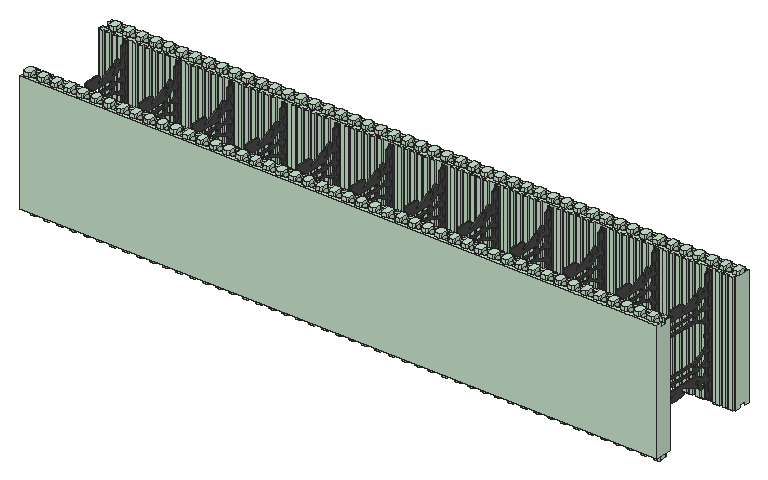
Revit family (continued)
Forms (in)
  Extrusion 156, void
    sketch origin (74, 3, 0) x (1, 0, 0) y (0, 1, 0)
      loop
        arc (1, 3.97692) -> (1.04785, 3.82983) -> (1.17308, 3.73905) r 0.25
        arc (1.17308, 3.73905) -> (1.42092, 3.69045) -> (1.67323, 3.70172) r 1.0625
        arc (1.67323, 3.70172) -> (1.72385, 3.68771) -> (1.74592, 3.64005) r 0.0625
        line (1.74592, 3.64005) -> (1.74592, 3.41845) -> (1.91675, 3.41845) -> (1.91675, 3.76455)
        arc (1.91675, 3.76455) -> (1.92106, 3.78736) -> (1.9334, 3.80702) r 0.0625
        arc (1.9334, 3.80702) -> (1.98276, 3.88568) -> (2, 3.97692) r 0.25
        line (2, 3.97692) -> (2, 4.89808)
        arc (2, 4.89808) -> (1.95215, 5.04517) -> (1.82692, 5.13595) r 0.25
        arc (1.82692, 5.13595) -> (1.5, 5.1875) -> (1.17308, 5.13595) r 1.0625
        arc (1.17308, 5.13595) -> (1.04785, 5.04517) -> (1, 4.89808) r 0.25
    from 0 to 0.5
  Extrusion 157, void
    sketch origin (72, 3, 0) x (1, 0, 0) y (0, 1, 0)
      loop
        line (1, 4.89808) -> (1, 3.97692)
        arc (1, 3.97692) -> (1.04785, 3.82983) -> (1.17308, 3.73905) r 0.25
        arc (1.17308, 3.73905) -> (1.42092, 3.69045) -> (1.67323, 3.70172) r 1.0625
        arc (1.67323, 3.70172) -> (1.72385, 3.68771) -> (1.74592, 3.64005) r 0.0625
        line (1.74592, 3.64005) -> (1.74592, 3.41845) -> (1.91675, 3.41845) -> (1.91675, 3.76455)
        arc (1.91675, 3.76455) -> (1.92106, 3.78736) -> (1.9334, 3.80702) r 0.0625
        arc (1.9334, 3.80702) -> (1.98276, 3.88568) -> (2, 3.97692) r 0.25
        line (2, 3.97692) -> (2, 4.89808)
        arc (2, 4.89808) -> (1.95215, 5.04517) -> (1.82692, 5.13595) r 0.25
        arc (1.82692, 5.13595) -> (1.5, 5.1875) -> (1.17308, 5.13595) r 1.0625
        arc (1.17308, 5.13595) -> (1.04785, 5.04517) -> (1, 4.89808) r 0.25
    from 0 to 0.5
  Extrusion 158, void
    sketch origin (70, 3, 0) x (1, 0, 0) y (0, 1, 0)
      loop
        line (1, 4.89808) -> (1, 3.97692)
        arc (1, 3.97692) -> (1.04785, 3.82983) -> (1.17308, 3.73905) r 0.25
        arc (1.17308, 3.73905) -> (1.42092, 3.69045) -> (1.67323, 3.70172) r 1.0625
        arc (1.67323, 3.70172) -> (1.72385, 3.68771) -> (1.74592, 3.64005) r 0.0625
        line (1.74592, 3.64005) -> (1.74592, 3.41845) -> (1.91675, 3.41845) -> (1.91675, 3.76455)
        arc (1.91675, 3.76455) -> (1.92106, 3.78736) -> (1.9334, 3.80702) r 0.0625
        arc (1.9334, 3.80702) -> (1.98276, 3.88568) -> (2, 3.97692) r 0.25
        line (2, 3.97692) -> (2, 4.89808)
        arc (2, 4.89808) -> (1.95215, 5.04517) -> (1.82692, 5.13595) r 0.25
        arc (1.82692, 5.13595) -> (1.5, 5.1875) -> (1.17308, 5.13595) r 1.0625
        arc (1.17308, 5.13595) -> (1.04785, 5.04517) -> (1, 4.89808) r 0.25
    from 0 to 0.5
  Extrusion 159, void
    sketch origin (68, 3, 0) x (1, 0, 0) y (0, 1, 0)
      loop
        line (1, 4.89808) -> (1, 3.97692)
        arc (1, 3.97692) -> (1.04785, 3.82983) -> (1.17308, 3.73905) r 0.25
        arc (1.17308, 3.73905) -> (1.42092, 3.69045) -> (1.67323, 3.70172) r 1.0625
        arc (1.67323, 3.70172) -> (1.72385, 3.68771) -> (1.74592, 3.64005) r 0.0625
        line (1.74592, 3.64005) -> (1.74592, 3.41845) -> (1.91675, 3.41845) -> (1.91675, 3.76455)
        arc (1.91675, 3.76455) -> (1.92106, 3.78736) -> (1.9334, 3.80702) r 0.0625
        arc (1.9334, 3.80702) -> (1.98276, 3.88568) -> (2, 3.97692) r 0.25
        line (2, 3.97692) -> (2, 4.89808)
        arc (2, 4.89808) -> (1.95215, 5.04517) -> (1.82692, 5.13595) r 0.25
        arc (1.82692, 5.13595) -> (1.5, 5.1875) -> (1.17308, 5.13595) r 1.0625
        arc (1.17308, 5.13595) -> (1.04785, 5.04517) -> (1, 4.89808) r 0.25
    from 0 to 0.5
  Extrusion 160, void
    sketch origin (66, 3, 0) x (1, 0, 0) y (0, 1, 0)
      loop
        line (1, 4.89808) -> (1, 3.97692)
        arc (1, 3.97692) -> (1.04785, 3.82983) -> (1.17308, 3.73905) r 0.25
        arc (1.17308, 3.73905) -> (1.42092, 3.69045) -> (1.67323, 3.70172) r 1.0625
        arc (1.67323, 3.70172) -> (1.72385, 3.68771) -> (1.74592, 3.64005) r 0.0625
        line (1.74592, 3.64005) -> (1.74592, 3.41845) -> (1.91675, 3.41845) -> (1.91675, 3.76455)
        arc (1.91675, 3.76455) -> (1.92106, 3.78736) -> (1.9334, 3.80702) r 0.0625
        arc (1.9334, 3.80702) -> (1.98276, 3.88568) -> (2, 3.97692) r 0.25
        line (2, 3.97692) -> (2, 4.89808)
        arc (2, 4.89808) -> (1.95215, 5.04517) -> (1.82692, 5.13595) r 0.25
        arc (1.82692, 5.13595) -> (1.5, 5.1875) -> (1.17308, 5.13595) r 1.0625
        arc (1.17308, 5.13595) -> (1.04785, 5.04517) -> (1, 4.89808) r 0.25
    from 0 to 0.5
  Extrusion 161, void
    sketch origin (64, 3, 0) x (1, 0, 0) y (0, 1, 0)
      loop
        line (1, 4.89808) -> (1, 3.97692)
        arc (1, 3.97692) -> (1.04785, 3.82983) -> (1.17308, 3.73905) r 0.25
        arc (1.17308, 3.73905) -> (1.42092, 3.69045) -> (1.67323, 3.70172) r 1.0625
        arc (1.67323, 3.70172) -> (1.72385, 3.68771) -> (1.74592, 3.64005) r 0.0625
        line (1.74592, 3.64005) -> (1.74592, 3.41845) -> (1.91675, 3.41845) -> (1.91675, 3.76455)
        arc (1.91675, 3.76455) -> (1.92106, 3.78736) -> (1.9334, 3.80702) r 0.0625
        arc (1.9334, 3.80702) -> (1.98276, 3.88568) -> (2, 3.97692) r 0.25
        line (2, 3.97692) -> (2, 4.89808)
        arc (2, 4.89808) -> (1.95215, 5.04517) -> (1.82692, 5.13595) r 0.25
        arc (1.82692, 5.13595) -> (1.5, 5.1875) -> (1.17308, 5.13595) r 1.0625
        arc (1.17308, 5.13595) -> (1.04785, 5.04517) -> (1, 4.89808) r 0.25
    from 0 to 0.5
  Extrusion 162, void
    sketch origin (62, 3, 0) x (1, 0, 0) y (0, 1, 0)
      loop
        line (1, 4.89808) -> (1, 3.97692)
        arc (1, 3.97692) -> (1.04785, 3.82983) -> (1.17308, 3.73905) r 0.25
        arc (1.17308, 3.73905) -> (1.42092, 3.69045) -> (1.67323, 3.70172) r 1.0625
        arc (1.67323, 3.70172) -> (1.72385, 3.68771) -> (1.74592, 3.64005) r 0.0625
        line (1.74592, 3.64005) -> (1.74592, 3.41845) -> (1.91675, 3.41845) -> (1.91675, 3.76455)
        arc (1.91675, 3.76455) -> (1.92106, 3.78736) -> (1.9334, 3.80702) r 0.0625
        arc (1.9334, 3.80702) -> (1.98276, 3.88568) -> (2, 3.97692) r 0.25
        line (2, 3.97692) -> (2, 4.89808)
        arc (2, 4.89808) -> (1.95215, 5.04517) -> (1.82692, 5.13595) r 0.25
        arc (1.82692, 5.13595) -> (1.5, 5.1875) -> (1.17308, 5.13595) r 1.0625
        arc (1.17308, 5.13595) -> (1.04785, 5.04517) -> (1, 4.89808) r 0.25
    from 0 to 0.5
  Extrusion 163, void
    sketch origin (60, 3, 0) x (1, 0, 0) y (0, 1, 0)
      loop
        line (1, 4.89808) -> (1, 3.97692)
        arc (1, 3.97692) -> (1.04785, 3.82983) -> (1.17308, 3.73905) r 0.25
        arc (1.17308, 3.73905) -> (1.42092, 3.69045) -> (1.67323, 3.70172) r 1.0625
        arc (1.67323, 3.70172) -> (1.72385, 3.68771) -> (1.74592, 3.64005) r 0.0625
        line (1.74592, 3.64005) -> (1.74592, 3.41845) -> (1.91675, 3.41845) -> (1.91675, 3.76455)
        arc (1.91675, 3.76455) -> (1.92106, 3.78736) -> (1.9334, 3.80702) r 0.0625
        arc (1.9334, 3.80702) -> (1.98276, 3.88568) -> (2, 3.97692) r 0.25
        line (2, 3.97692) -> (2, 4.89808)
        arc (2, 4.89808) -> (1.95215, 5.04517) -> (1.82692, 5.13595) r 0.25
        arc (1.82692, 5.13595) -> (1.5, 5.1875) -> (1.17308, 5.13595) r 1.0625
        arc (1.17308, 5.13595) -> (1.04785, 5.04517) -> (1, 4.89808) r 0.25
    from 0 to 0.5
  Extrusion 164, void
    sketch origin (58, 3, 0) x (1, 0, 0) y (0, 1, 0)
      loop
        line (1, 4.89808) -> (1, 3.97692)
        arc (1, 3.97692) -> (1.04785, 3.82983) -> (1.17308, 3.73905) r 0.25
        arc (1.17308, 3.73905) -> (1.42092, 3.69045) -> (1.67323, 3.70172) r 1.0625
        arc (1.67323, 3.70172) -> (1.72385, 3.68771) -> (1.74592, 3.64005) r 0.0625
        line (1.74592, 3.64005) -> (1.74592, 3.41845) -> (1.91675, 3.41845) -> (1.91675, 3.76455)
        arc (1.91675, 3.76455) -> (1.92106, 3.78736) -> (1.9334, 3.80702) r 0.0625
        arc (1.9334, 3.80702) -> (1.98276, 3.88568) -> (2, 3.97692) r 0.25
        line (2, 3.97692) -> (2, 4.89808)
        arc (2, 4.89808) -> (1.95215, 5.04517) -> (1.82692, 5.13595) r 0.25
        arc (1.82692, 5.13595) -> (1.5, 5.1875) -> (1.17308, 5.13595) r 1.0625
        arc (1.17308, 5.13595) -> (1.04785, 5.04517) -> (1, 4.89808) r 0.25
    from 0 to 0.5
  Extrusion 165, void
    sketch origin (56, 3, 0) x (1, 0, 0) y (0, 1, 0)
      loop
        line (1, 4.89808) -> (1, 3.97692)
        arc (1, 3.97692) -> (1.04785, 3.82983) -> (1.17308, 3.73905) r 0.25
        arc (1.17308, 3.73905) -> (1.42092, 3.69045) -> (1.67323, 3.70172) r 1.0625
        arc (1.67323, 3.70172) -> (1.72385, 3.68771) -> (1.74592, 3.64005) r 0.0625
        line (1.74592, 3.64005) -> (1.74592, 3.41845) -> (1.91675, 3.41845) -> (1.91675, 3.76455)
        arc (1.91675, 3.76455) -> (1.92106, 3.78736) -> (1.9334, 3.80702) r 0.0625
        arc (1.9334, 3.80702) -> (1.98276, 3.88568) -> (2, 3.97692) r 0.25
        line (2, 3.97692) -> (2, 4.89808)
        arc (2, 4.89808) -> (1.95215, 5.04517) -> (1.82692, 5.13595) r 0.25
        arc (1.82692, 5.13595) -> (1.5, 5.1875) -> (1.17308, 5.13595) r 1.0625
        arc (1.17308, 5.13595) -> (1.04785, 5.04517) -> (1, 4.89808) r 0.25
    from 0 to 0.5
  Extrusion 166, void
    sketch origin (54, 3, 0) x (1, 0, 0) y (0, 1, 0)
      loop
        line (1, 4.89808) -> (1, 3.97692)
        arc (1, 3.97692) -> (1.04785, 3.82983) -> (1.17308, 3.73905) r 0.25
        arc (1.17308, 3.73905) -> (1.42092, 3.69045) -> (1.67323, 3.70172) r 1.0625
        arc (1.67323, 3.70172) -> (1.72385, 3.68771) -> (1.74592, 3.64005) r 0.0625
        line (1.74592, 3.64005) -> (1.74592, 3.41845) -> (1.91675, 3.41845) -> (1.91675, 3.76455)
        arc (1.91675, 3.76455) -> (1.92106, 3.78736) -> (1.9334, 3.80702) r 0.0625
        arc (1.9334, 3.80702) -> (1.98276, 3.88568) -> (2, 3.97692) r 0.25
        line (2, 3.97692) -> (2, 4.89808)
        arc (2, 4.89808) -> (1.95215, 5.04517) -> (1.82692, 5.13595) r 0.25
        arc (1.82692, 5.13595) -> (1.5, 5.1875) -> (1.17308, 5.13595) r 1.0625
        arc (1.17308, 5.13595) -> (1.04785, 5.04517) -> (1, 4.89808) r 0.25
    from 0 to 0.5
  Extrusion 167, void
    sketch origin (52, 3, 0) x (1, 0, 0) y (0, 1, 0)
      loop
        line (1, 4.89808) -> (1, 3.97692)
        arc (1, 3.97692) -> (1.04785, 3.82983) -> (1.17308, 3.73905) r 0.25
        arc (1.17308, 3.73905) -> (1.42092, 3.69045) -> (1.67323, 3.70172) r 1.0625
        arc (1.67323, 3.70172) -> (1.72385, 3.68771) -> (1.74592, 3.64005) r 0.0625
        line (1.74592, 3.64005) -> (1.74592, 3.41845) -> (1.91675, 3.41845) -> (1.91675, 3.76455)
        arc (1.91675, 3.76455) -> (1.92106, 3.78736) -> (1.9334, 3.80702) r 0.0625
        arc (1.9334, 3.80702) -> (1.98276, 3.88568) -> (2, 3.97692) r 0.25
        line (2, 3.97692) -> (2, 4.89808)
        arc (2, 4.89808) -> (1.95215, 5.04517) -> (1.82692, 5.13595) r 0.25
        arc (1.82692, 5.13595) -> (1.5, 5.1875) -> (1.17308, 5.13595) r 1.0625
        arc (1.17308, 5.13595) -> (1.04785, 5.04517) -> (1, 4.89808) r 0.25
    from 0 to 0.5
  Extrusion 168, void
    sketch origin (50, 3, 0) x (1, 0, 0) y (0, 1, 0)
      loop
        line (1, 4.89808) -> (1, 3.97692)
        arc (1, 3.97692) -> (1.04785, 3.82983) -> (1.17308, 3.73905) r 0.25
        arc (1.17308, 3.73905) -> (1.42092, 3.69045) -> (1.67323, 3.70172) r 1.0625
        arc (1.67323, 3.70172) -> (1.72385, 3.68771) -> (1.74592, 3.64005) r 0.0625
        line (1.74592, 3.64005) -> (1.74592, 3.41845) -> (1.91675, 3.41845) -> (1.91675, 3.76455)
        arc (1.91675, 3.76455) -> (1.92106, 3.78736) -> (1.9334, 3.80702) r 0.0625
        arc (1.9334, 3.80702) -> (1.98276, 3.88568) -> (2, 3.97692) r 0.25
        line (2, 3.97692) -> (2, 4.89808)
        arc (2, 4.89808) -> (1.95215, 5.04517) -> (1.82692, 5.13595) r 0.25
        arc (1.82692, 5.13595) -> (1.5, 5.1875) -> (1.17308, 5.13595) r 1.0625
        arc (1.17308, 5.13595) -> (1.04785, 5.04517) -> (1, 4.89808) r 0.25
    from 0 to 0.5
  Extrusion 169, void
    sketch origin (48, 3, 0) x (1, 0, 0) y (0, 1, 0)
      loop
        line (1, 4.89808) -> (1, 3.97692)
        arc (1, 3.97692) -> (1.04785, 3.82983) -> (1.17308, 3.73905) r 0.25
        arc (1.17308, 3.73905) -> (1.42092, 3.69045) -> (1.67323, 3.70172) r 1.0625
        arc (1.67323, 3.70172) -> (1.72385, 3.68771) -> (1.74592, 3.64005) r 0.0625
        line (1.74592, 3.64005) -> (1.74592, 3.41845) -> (1.91675, 3.41845) -> (1.91675, 3.76455)
        arc (1.91675, 3.76455) -> (1.92106, 3.78736) -> (1.9334, 3.80702) r 0.0625
        arc (1.9334, 3.80702) -> (1.98276, 3.88568) -> (2, 3.97692) r 0.25
        line (2, 3.97692) -> (2, 4.89808)
        arc (2, 4.89808) -> (1.95215, 5.04517) -> (1.82692, 5.13595) r 0.25
        arc (1.82692, 5.13595) -> (1.5, 5.1875) -> (1.17308, 5.13595) r 1.0625
        arc (1.17308, 5.13595) -> (1.04785, 5.04517) -> (1, 4.89808) r 0.25
    from 0 to 0.5
  Extrusion 170, void
    sketch origin (46, 3, 0) x (1, 0, 0) y (0, 1, 0)
      loop
        line (1, 4.89808) -> (1, 3.97692)
        arc (1, 3.97692) -> (1.04785, 3.82983) -> (1.17308, 3.73905) r 0.25
        arc (1.17308, 3.73905) -> (1.42092, 3.69045) -> (1.67323, 3.70172) r 1.0625
        arc (1.67323, 3.70172) -> (1.72385, 3.68771) -> (1.74592, 3.64005) r 0.0625
        line (1.74592, 3.64005) -> (1.74592, 3.41845) -> (1.91675, 3.41845) -> (1.91675, 3.76455)
        arc (1.91675, 3.76455) -> (1.92106, 3.78736) -> (1.9334, 3.80702) r 0.0625
        arc (1.9334, 3.80702) -> (1.98276, 3.88568) -> (2, 3.97692) r 0.25
        line (2, 3.97692) -> (2, 4.89808)
        arc (2, 4.89808) -> (1.95215, 5.04517) -> (1.82692, 5.13595) r 0.25
        arc (1.82692, 5.13595) -> (1.5, 5.1875) -> (1.17308, 5.13595) r 1.0625
        arc (1.17308, 5.13595) -> (1.04785, 5.04517) -> (1, 4.89808) r 0.25
    from 0 to 0.5
  Extrusion 171, void
    sketch origin (44, 3, 0) x (1, 0, 0) y (0, 1, 0)
      loop
        line (1, 4.89808) -> (1, 3.97692)
        arc (1, 3.97692) -> (1.04785, 3.82983) -> (1.17308, 3.73905) r 0.25
        arc (1.17308, 3.73905) -> (1.42092, 3.69045) -> (1.67323, 3.70172) r 1.0625
        arc (1.67323, 3.70172) -> (1.72385, 3.68771) -> (1.74592, 3.64005) r 0.0625
        line (1.74592, 3.64005) -> (1.74592, 3.41845) -> (1.91675, 3.41845) -> (1.91675, 3.76455)
        arc (1.91675, 3.76455) -> (1.92106, 3.78736) -> (1.9334, 3.80702) r 0.0625
        arc (1.9334, 3.80702) -> (1.98276, 3.88568) -> (2, 3.97692) r 0.25
        line (2, 3.97692) -> (2, 4.89808)
        arc (2, 4.89808) -> (1.95215, 5.04517) -> (1.82692, 5.13595) r 0.25
        arc (1.82692, 5.13595) -> (1.5, 5.1875) -> (1.17308, 5.13595) r 1.0625
        arc (1.17308, 5.13595) -> (1.04785, 5.04517) -> (1, 4.89808) r 0.25
    from 0 to 0.5
  Extrusion 172, void
    sketch origin (42, 3, 0) x (1, 0, 0) y (0, 1, 0)
      loop
        line (1, 4.89808) -> (1, 3.97692)
        arc (1, 3.97692) -> (1.04785, 3.82983) -> (1.17308, 3.73905) r 0.25
        arc (1.17308, 3.73905) -> (1.42092, 3.69045) -> (1.67323, 3.70172) r 1.0625
        arc (1.67323, 3.70172) -> (1.72385, 3.68771) -> (1.74592, 3.64005) r 0.0625
        line (1.74592, 3.64005) -> (1.74592, 3.41845) -> (1.91675, 3.41845) -> (1.91675, 3.76455)
        arc (1.91675, 3.76455) -> (1.92106, 3.78736) -> (1.9334, 3.80702) r 0.0625
        arc (1.9334, 3.80702) -> (1.98276, 3.88568) -> (2, 3.97692) r 0.25
        line (2, 3.97692) -> (2, 4.89808)
        arc (2, 4.89808) -> (1.95215, 5.04517) -> (1.82692, 5.13595) r 0.25
        arc (1.82692, 5.13595) -> (1.5, 5.1875) -> (1.17308, 5.13595) r 1.0625
        arc (1.17308, 5.13595) -> (1.04785, 5.04517) -> (1, 4.89808) r 0.25
    from 0 to 0.5
  Extrusion 173, void
    sketch origin (40, 3, 0) x (1, 0, 0) y (0, 1, 0)
      loop
        line (1, 4.89808) -> (1, 3.97692)
        arc (1, 3.97692) -> (1.04785, 3.82983) -> (1.17308, 3.73905) r 0.25
        arc (1.17308, 3.73905) -> (1.42092, 3.69045) -> (1.67323, 3.70172) r 1.0625
        arc (1.67323, 3.70172) -> (1.72385, 3.68771) -> (1.74592, 3.64005) r 0.0625
        line (1.74592, 3.64005) -> (1.74592, 3.41845) -> (1.91675, 3.41845) -> (1.91675, 3.76455)
        arc (1.91675, 3.76455) -> (1.92106, 3.78736) -> (1.9334, 3.80702) r 0.0625
        arc (1.9334, 3.80702) -> (1.98276, 3.88568) -> (2, 3.97692) r 0.25
        line (2, 3.97692) -> (2, 4.89808)
        arc (2, 4.89808) -> (1.95215, 5.04517) -> (1.82692, 5.13595) r 0.25
        arc (1.82692, 5.13595) -> (1.5, 5.1875) -> (1.17308, 5.13595) r 1.0625
        arc (1.17308, 5.13595) -> (1.04785, 5.04517) -> (1, 4.89808) r 0.25
    from 0 to 0.5
  Extrusion 174, void
    sketch origin (38, 3, 0) x (1, 0, 0) y (0, 1, 0)
      loop
        line (1, 4.89808) -> (1, 3.97692)
        arc (1, 3.97692) -> (1.04785, 3.82983) -> (1.17308, 3.73905) r 0.25
        arc (1.17308, 3.73905) -> (1.42092, 3.69045) -> (1.67323, 3.70172) r 1.0625
        arc (1.67323, 3.70172) -> (1.72385, 3.68771) -> (1.74592, 3.64005) r 0.0625
        line (1.74592, 3.64005) -> (1.74592, 3.41845) -> (1.91675, 3.41845) -> (1.91675, 3.76455)
        arc (1.91675, 3.76455) -> (1.92106, 3.78736) -> (1.9334, 3.80702) r 0.0625
        arc (1.9334, 3.80702) -> (1.98276, 3.88568) -> (2, 3.97692) r 0.25
        line (2, 3.97692) -> (2, 4.89808)
        arc (2, 4.89808) -> (1.95215, 5.04517) -> (1.82692, 5.13595) r 0.25
        arc (1.82692, 5.13595) -> (1.5, 5.1875) -> (1.17308, 5.13595) r 1.0625
        arc (1.17308, 5.13595) -> (1.04785, 5.04517) -> (1, 4.89808) r 0.25
    from 0 to 0.5
  Extrusion 175, void
    sketch origin (36, 3, 0) x (1, 0, 0) y (0, 1, 0)
      loop
        line (1, 4.89808) -> (1, 3.97692)
        arc (1, 3.97692) -> (1.04785, 3.82983) -> (1.17308, 3.73905) r 0.25
        arc (1.17308, 3.73905) -> (1.42092, 3.69045) -> (1.67323, 3.70172) r 1.0625
        arc (1.67323, 3.70172) -> (1.72385, 3.68771) -> (1.74592, 3.64005) r 0.0625
        line (1.74592, 3.64005) -> (1.74592, 3.41845) -> (1.91675, 3.41845) -> (1.91675, 3.76455)
        arc (1.91675, 3.76455) -> (1.92106, 3.78736) -> (1.9334, 3.80702) r 0.0625
        arc (1.9334, 3.80702) -> (1.98276, 3.88568) -> (2, 3.97692) r 0.25
        line (2, 3.97692) -> (2, 4.89808)
        arc (2, 4.89808) -> (1.95215, 5.04517) -> (1.82692, 5.13595) r 0.25
        arc (1.82692, 5.13595) -> (1.5, 5.1875) -> (1.17308, 5.13595) r 1.0625
        arc (1.17308, 5.13595) -> (1.04785, 5.04517) -> (1, 4.89808) r 0.25
    from 0 to 0.5
  Extrusion 176, void
    sketch origin (34, 3, 0) x (1, 0, 0) y (0, 1, 0)
      loop
        line (1, 4.89808) -> (1, 3.97692)
        arc (1, 3.97692) -> (1.04785, 3.82983) -> (1.17308, 3.73905) r 0.25
        arc (1.17308, 3.73905) -> (1.42092, 3.69045) -> (1.67323, 3.70172) r 1.0625
        arc (1.67323, 3.70172) -> (1.72385, 3.68771) -> (1.74592, 3.64005) r 0.0625
        line (1.74592, 3.64005) -> (1.74592, 3.41845) -> (1.91675, 3.41845) -> (1.91675, 3.76455)
        arc (1.91675, 3.76455) -> (1.92106, 3.78736) -> (1.9334, 3.80702) r 0.0625
        arc (1.9334, 3.80702) -> (1.98276, 3.88568) -> (2, 3.97692) r 0.25
        line (2, 3.97692) -> (2, 4.89808)
        arc (2, 4.89808) -> (1.95215, 5.04517) -> (1.82692, 5.13595) r 0.25
        arc (1.82692, 5.13595) -> (1.5, 5.1875) -> (1.17308, 5.13595) r 1.0625
        arc (1.17308, 5.13595) -> (1.04785, 5.04517) -> (1, 4.89808) r 0.25
    from 0 to 0.5
  Extrusion 177, void
    sketch origin (32, 3, 0) x (1, 0, 0) y (0, 1, 0)
      loop
        line (1, 4.89808) -> (1, 3.97692)
        arc (1, 3.97692) -> (1.04785, 3.82983) -> (1.17308, 3.73905) r 0.25
        arc (1.17308, 3.73905) -> (1.42092, 3.69045) -> (1.67323, 3.70172) r 1.0625
        arc (1.67323, 3.70172) -> (1.72385, 3.68771) -> (1.74592, 3.64005) r 0.0625
        line (1.74592, 3.64005) -> (1.74592, 3.41845) -> (1.91675, 3.41845) -> (1.91675, 3.76455)
        arc (1.91675, 3.76455) -> (1.92106, 3.78736) -> (1.9334, 3.80702) r 0.0625
        arc (1.9334, 3.80702) -> (1.98276, 3.88568) -> (2, 3.97692) r 0.25
        line (2, 3.97692) -> (2, 4.89808)
        arc (2, 4.89808) -> (1.95215, 5.04517) -> (1.82692, 5.13595) r 0.25
        arc (1.82692, 5.13595) -> (1.5, 5.1875) -> (1.17308, 5.13595) r 1.0625
        arc (1.17308, 5.13595) -> (1.04785, 5.04517) -> (1, 4.89808) r 0.25
    from 0 to 0.5
  Extrusion 178, void
    sketch origin (30, 3, 0) x (1, 0, 0) y (0, 1, 0)
      loop
        line (1, 4.89808) -> (1, 3.97692)
        arc (1, 3.97692) -> (1.04785, 3.82983) -> (1.17308, 3.73905) r 0.25
        arc (1.17308, 3.73905) -> (1.42092, 3.69045) -> (1.67323, 3.70172) r 1.0625
        arc (1.67323, 3.70172) -> (1.72385, 3.68771) -> (1.74592, 3.64005) r 0.0625
        line (1.74592, 3.64005) -> (1.74592, 3.41845) -> (1.91675, 3.41845) -> (1.91675, 3.76455)
        arc (1.91675, 3.76455) -> (1.92106, 3.78736) -> (1.9334, 3.80702) r 0.0625
        arc (1.9334, 3.80702) -> (1.98276, 3.88568) -> (2, 3.97692) r 0.25
        line (2, 3.97692) -> (2, 4.89808)
        arc (2, 4.89808) -> (1.95215, 5.04517) -> (1.82692, 5.13595) r 0.25
        arc (1.82692, 5.13595) -> (1.5, 5.1875) -> (1.17308, 5.13595) r 1.0625
        arc (1.17308, 5.13595) -> (1.04785, 5.04517) -> (1, 4.89808) r 0.25
    from 0 to 0.5
  Extrusion 179, void
    sketch origin (28, 3, 0) x (1, 0, 0) y (0, 1, 0)
      loop
        line (1, 4.89808) -> (1, 3.97692)
        arc (1, 3.97692) -> (1.04785, 3.82983) -> (1.17308, 3.73905) r 0.25
        arc (1.17308, 3.73905) -> (1.42092, 3.69045) -> (1.67323, 3.70172) r 1.0625
        arc (1.67323, 3.70172) -> (1.72385, 3.68771) -> (1.74592, 3.64005) r 0.0625
        line (1.74592, 3.64005) -> (1.74592, 3.41845) -> (1.91675, 3.41845) -> (1.91675, 3.76455)
        arc (1.91675, 3.76455) -> (1.92106, 3.78736) -> (1.9334, 3.80702) r 0.0625
        arc (1.9334, 3.80702) -> (1.98276, 3.88568) -> (2, 3.97692) r 0.25
        line (2, 3.97692) -> (2, 4.89808)
        arc (2, 4.89808) -> (1.95215, 5.04517) -> (1.82692, 5.13595) r 0.25
        arc (1.82692, 5.13595) -> (1.5, 5.1875) -> (1.17308, 5.13595) r 1.0625
        arc (1.17308, 5.13595) -> (1.04785, 5.04517) -> (1, 4.89808) r 0.25
    from 0 to 0.5
  Extrusion 180, void
    sketch origin (26, 3, 0) x (1, 0, 0) y (0, 1, 0)
      loop
        line (1, 4.89808) -> (1, 3.97692)
        arc (1, 3.97692) -> (1.04785, 3.82983) -> (1.17308, 3.73905) r 0.25
        arc (1.17308, 3.73905) -> (1.42092, 3.69045) -> (1.67323, 3.70172) r 1.0625
        arc (1.67323, 3.70172) -> (1.72385, 3.68771) -> (1.74592, 3.64005) r 0.0625
        line (1.74592, 3.64005) -> (1.74592, 3.41845) -> (1.91675, 3.41845) -> (1.91675, 3.76455)
        arc (1.91675, 3.76455) -> (1.92106, 3.78736) -> (1.9334, 3.80702) r 0.0625
        arc (1.9334, 3.80702) -> (1.98276, 3.88568) -> (2, 3.97692) r 0.25
        line (2, 3.97692) -> (2, 4.89808)
        arc (2, 4.89808) -> (1.95215, 5.04517) -> (1.82692, 5.13595) r 0.25
        arc (1.82692, 5.13595) -> (1.5, 5.1875) -> (1.17308, 5.13595) r 1.0625
        arc (1.17308, 5.13595) -> (1.04785, 5.04517) -> (1, 4.89808) r 0.25
    from 0 to 0.5
  Extrusion 181, void
    sketch origin (24, 3, 0) x (1, 0, 0) y (0, 1, 0)
      loop
        line (1, 4.89808) -> (1, 3.97692)
        arc (1, 3.97692) -> (1.04785, 3.82983) -> (1.17308, 3.73905) r 0.25
        arc (1.17308, 3.73905) -> (1.42092, 3.69045) -> (1.67323, 3.70172) r 1.0625
        arc (1.67323, 3.70172) -> (1.72385, 3.68771) -> (1.74592, 3.64005) r 0.0625
        line (1.74592, 3.64005) -> (1.74592, 3.41845) -> (1.91675, 3.41845) -> (1.91675, 3.76455)
        arc (1.91675, 3.76455) -> (1.92106, 3.78736) -> (1.9334, 3.80702) r 0.0625
        arc (1.9334, 3.80702) -> (1.98276, 3.88568) -> (2, 3.97692) r 0.25
        line (2, 3.97692) -> (2, 4.89808)
        arc (2, 4.89808) -> (1.95215, 5.04517) -> (1.82692, 5.13595) r 0.25
        arc (1.82692, 5.13595) -> (1.5, 5.1875) -> (1.17308, 5.13595) r 1.0625
        arc (1.17308, 5.13595) -> (1.04785, 5.04517) -> (1, 4.89808) r 0.25
    from 0 to 0.5
  Extrusion 182, void
    sketch origin (22, 3, 0) x (1, 0, 0) y (0, 1, 0)
      loop
        line (1, 4.89808) -> (1, 3.97692)
        arc (1, 3.97692) -> (1.04785, 3.82983) -> (1.17308, 3.73905) r 0.25
        arc (1.17308, 3.73905) -> (1.42092, 3.69045) -> (1.67323, 3.70172) r 1.0625
        arc (1.67323, 3.70172) -> (1.72385, 3.68771) -> (1.74592, 3.64005) r 0.0625
        line (1.74592, 3.64005) -> (1.74592, 3.41845) -> (1.91675, 3.41845) -> (1.91675, 3.76455)
        arc (1.91675, 3.76455) -> (1.92106, 3.78736) -> (1.9334, 3.80702) r 0.0625
        arc (1.9334, 3.80702) -> (1.98276, 3.88568) -> (2, 3.97692) r 0.25
        line (2, 3.97692) -> (2, 4.89808)
        arc (2, 4.89808) -> (1.95215, 5.04517) -> (1.82692, 5.13595) r 0.25
        arc (1.82692, 5.13595) -> (1.5, 5.1875) -> (1.17308, 5.13595) r 1.0625
        arc (1.17308, 5.13595) -> (1.04785, 5.04517) -> (1, 4.89808) r 0.25
    from 0 to 0.5
  Extrusion 183, void
    sketch origin (20, 3, 0) x (1, 0, 0) y (0, 1, 0)
      loop
        line (1, 4.89808) -> (1, 3.97692)
        arc (1, 3.97692) -> (1.04785, 3.82983) -> (1.17308, 3.73905) r 0.25
        arc (1.17308, 3.73905) -> (1.42092, 3.69045) -> (1.67323, 3.70172) r 1.0625
        arc (1.67323, 3.70172) -> (1.72385, 3.68771) -> (1.74592, 3.64005) r 0.0625
        line (1.74592, 3.64005) -> (1.74592, 3.41845) -> (1.91675, 3.41845) -> (1.91675, 3.76455)
        arc (1.91675, 3.76455) -> (1.92106, 3.78736) -> (1.9334, 3.80702) r 0.0625
        arc (1.9334, 3.80702) -> (1.98276, 3.88568) -> (2, 3.97692) r 0.25
        line (2, 3.97692) -> (2, 4.89808)
        arc (2, 4.89808) -> (1.95215, 5.04517) -> (1.82692, 5.13595) r 0.25
        arc (1.82692, 5.13595) -> (1.5, 5.1875) -> (1.17308, 5.13595) r 1.0625
        arc (1.17308, 5.13595) -> (1.04785, 5.04517) -> (1, 4.89808) r 0.25
    from 0 to 0.5
  Extrusion 184, void
    sketch origin (18, 3, 0) x (1, 0, 0) y (0, 1, 0)
      loop
        line (1, 4.89808) -> (1, 3.97692)
        arc (1, 3.97692) -> (1.04785, 3.82983) -> (1.17308, 3.73905) r 0.25
        arc (1.17308, 3.73905) -> (1.42092, 3.69045) -> (1.67323, 3.70172) r 1.0625
        arc (1.67323, 3.70172) -> (1.72385, 3.68771) -> (1.74592, 3.64005) r 0.0625
        line (1.74592, 3.64005) -> (1.74592, 3.41845) -> (1.91675, 3.41845) -> (1.91675, 3.76455)
        arc (1.91675, 3.76455) -> (1.92106, 3.78736) -> (1.9334, 3.80702) r 0.0625
        arc (1.9334, 3.80702) -> (1.98276, 3.88568) -> (2, 3.97692) r 0.25
        line (2, 3.97692) -> (2, 4.89808)
        arc (2, 4.89808) -> (1.95215, 5.04517) -> (1.82692, 5.13595) r 0.25
        arc (1.82692, 5.13595) -> (1.5, 5.1875) -> (1.17308, 5.13595) r 1.0625
        arc (1.17308, 5.13595) -> (1.04785, 5.04517) -> (1, 4.89808) r 0.25
    from 0 to 0.5
  Extrusion 185, void
    sketch origin (16, 3, 0) x (1, 0, 0) y (0, 1, 0)
      loop
        line (1, 4.89808) -> (1, 3.97692)
        arc (1, 3.97692) -> (1.04785, 3.82983) -> (1.17308, 3.73905) r 0.25
        arc (1.17308, 3.73905) -> (1.42092, 3.69045) -> (1.67323, 3.70172) r 1.0625
        arc (1.67323, 3.70172) -> (1.72385, 3.68771) -> (1.74592, 3.64005) r 0.0625
        line (1.74592, 3.64005) -> (1.74592, 3.41845) -> (1.91675, 3.41845) -> (1.91675, 3.76455)
        arc (1.91675, 3.76455) -> (1.92106, 3.78736) -> (1.9334, 3.80702) r 0.0625
        arc (1.9334, 3.80702) -> (1.98276, 3.88568) -> (2, 3.97692) r 0.25
        line (2, 3.97692) -> (2, 4.89808)
        arc (2, 4.89808) -> (1.95215, 5.04517) -> (1.82692, 5.13595) r 0.25
        arc (1.82692, 5.13595) -> (1.5, 5.1875) -> (1.17308, 5.13595) r 1.0625
        arc (1.17308, 5.13595) -> (1.04785, 5.04517) -> (1, 4.89808) r 0.25
    from 0 to 0.5
  Extrusion 186, void
    sketch origin (14, 3, 0) x (1, 0, 0) y (0, 1, 0)
      loop
        line (1, 4.89808) -> (1, 3.97692)
        arc (1, 3.97692) -> (1.04785, 3.82983) -> (1.17308, 3.73905) r 0.25
        arc (1.17308, 3.73905) -> (1.42092, 3.69045) -> (1.67323, 3.70172) r 1.0625
        arc (1.67323, 3.70172) -> (1.72385, 3.68771) -> (1.74592, 3.64005) r 0.0625
        line (1.74592, 3.64005) -> (1.74592, 3.41845) -> (1.91675, 3.41845) -> (1.91675, 3.76455)
        arc (1.91675, 3.76455) -> (1.92106, 3.78736) -> (1.9334, 3.80702) r 0.0625
        arc (1.9334, 3.80702) -> (1.98276, 3.88568) -> (2, 3.97692) r 0.25
        line (2, 3.97692) -> (2, 4.89808)
        arc (2, 4.89808) -> (1.95215, 5.04517) -> (1.82692, 5.13595) r 0.25
        arc (1.82692, 5.13595) -> (1.5, 5.1875) -> (1.17308, 5.13595) r 1.0625
        arc (1.17308, 5.13595) -> (1.04785, 5.04517) -> (1, 4.89808) r 0.25
    from 0 to 0.5
  Extrusion 187, void
    sketch origin (12, 3, 0) x (1, 0, 0) y (0, 1, 0)
      loop
        line (1, 4.89808) -> (1, 3.97692)
        arc (1, 3.97692) -> (1.04785, 3.82983) -> (1.17308, 3.73905) r 0.25
        arc (1.17308, 3.73905) -> (1.42092, 3.69045) -> (1.67323, 3.70172) r 1.0625
        arc (1.67323, 3.70172) -> (1.72385, 3.68771) -> (1.74592, 3.64005) r 0.0625
        line (1.74592, 3.64005) -> (1.74592, 3.41845) -> (1.91675, 3.41845) -> (1.91675, 3.76455)
        arc (1.91675, 3.76455) -> (1.92106, 3.78736) -> (1.9334, 3.80702) r 0.0625
        arc (1.9334, 3.80702) -> (1.98276, 3.88568) -> (2, 3.97692) r 0.25
        line (2, 3.97692) -> (2, 4.89808)
        arc (2, 4.89808) -> (1.95215, 5.04517) -> (1.82692, 5.13595) r 0.25
        arc (1.82692, 5.13595) -> (1.5, 5.1875) -> (1.17308, 5.13595) r 1.0625
        arc (1.17308, 5.13595) -> (1.04785, 5.04517) -> (1, 4.89808) r 0.25
    from 0 to 0.5
  Extrusion 188, void
    sketch origin (10, 3, 0) x (1, 0, 0) y (0, 1, 0)
      loop
        line (1, 4.89808) -> (1, 3.97692)
        arc (1, 3.97692) -> (1.04785, 3.82983) -> (1.17308, 3.73905) r 0.25
        arc (1.17308, 3.73905) -> (1.42092, 3.69045) -> (1.67323, 3.70172) r 1.0625
        arc (1.67323, 3.70172) -> (1.72385, 3.68771) -> (1.74592, 3.64005) r 0.0625
        line (1.74592, 3.64005) -> (1.74592, 3.41845) -> (1.91675, 3.41845) -> (1.91675, 3.76455)
        arc (1.91675, 3.76455) -> (1.92106, 3.78736) -> (1.9334, 3.80702) r 0.0625
        arc (1.9334, 3.80702) -> (1.98276, 3.88568) -> (2, 3.97692) r 0.25
        line (2, 3.97692) -> (2, 4.89808)
        arc (2, 4.89808) -> (1.95215, 5.04517) -> (1.82692, 5.13595) r 0.25
        arc (1.82692, 5.13595) -> (1.5, 5.1875) -> (1.17308, 5.13595) r 1.0625
        arc (1.17308, 5.13595) -> (1.04785, 5.04517) -> (1, 4.89808) r 0.25
    from 0 to 0.5
  Extrusion 189, void
    sketch origin (8, 3, 0) x (1, 0, 0) y (0, 1, 0)
      loop
        line (1, 4.89808) -> (1, 3.97692)
        arc (1, 3.97692) -> (1.04785, 3.82983) -> (1.17308, 3.73905) r 0.25
        arc (1.17308, 3.73905) -> (1.42092, 3.69045) -> (1.67323, 3.70172) r 1.0625
        arc (1.67323, 3.70172) -> (1.72385, 3.68771) -> (1.74592, 3.64005) r 0.0625
        line (1.74592, 3.64005) -> (1.74592, 3.41845) -> (1.91675, 3.41845) -> (1.91675, 3.76455)
        arc (1.91675, 3.76455) -> (1.92106, 3.78736) -> (1.9334, 3.80702) r 0.0625
        arc (1.9334, 3.80702) -> (1.98276, 3.88568) -> (2, 3.97692) r 0.25
        line (2, 3.97692) -> (2, 4.89808)
        arc (2, 4.89808) -> (1.95215, 5.04517) -> (1.82692, 5.13595) r 0.25
        arc (1.82692, 5.13595) -> (1.5, 5.1875) -> (1.17308, 5.13595) r 1.0625
        arc (1.17308, 5.13595) -> (1.04785, 5.04517) -> (1, 4.89808) r 0.25
    from 0 to 0.5
  Extrusion 190, void
    sketch origin (6, 3, 0) x (1, 0, 0) y (0, 1, 0)
      loop
        line (1, 4.89808) -> (1, 3.97692)
        arc (1, 3.97692) -> (1.04785, 3.82983) -> (1.17308, 3.73905) r 0.25
        arc (1.17308, 3.73905) -> (1.42092, 3.69045) -> (1.67323, 3.70172) r 1.0625
        arc (1.67323, 3.70172) -> (1.72385, 3.68771) -> (1.74592, 3.64005) r 0.0625
        line (1.74592, 3.64005) -> (1.74592, 3.41845) -> (1.91675, 3.41845) -> (1.91675, 3.76455)
        arc (1.91675, 3.76455) -> (1.92106, 3.78736) -> (1.9334, 3.80702) r 0.0625
        arc (1.9334, 3.80702) -> (1.98276, 3.88568) -> (2, 3.97692) r 0.25
        line (2, 3.97692) -> (2, 4.89808)
        arc (2, 4.89808) -> (1.95215, 5.04517) -> (1.82692, 5.13595) r 0.25
        arc (1.82692, 5.13595) -> (1.5, 5.1875) -> (1.17308, 5.13595) r 1.0625
        arc (1.17308, 5.13595) -> (1.04785, 5.04517) -> (1, 4.89808) r 0.25
    from 0 to 0.5
  Extrusion 191, void
    sketch origin (4, 3, 0) x (1, 0, 0) y (0, 1, 0)
      loop
        line (1, 4.89808) -> (1, 3.97692)
        arc (1, 3.97692) -> (1.04785, 3.82983) -> (1.17308, 3.73905) r 0.25
        arc (1.17308, 3.73905) -> (1.42092, 3.69045) -> (1.67323, 3.70172) r 1.0625
        arc (1.67323, 3.70172) -> (1.72385, 3.68771) -> (1.74592, 3.64005) r 0.0625
        line (1.74592, 3.64005) -> (1.74592, 3.41845) -> (1.91675, 3.41845) -> (1.91675, 3.76455)
        arc (1.91675, 3.76455) -> (1.92106, 3.78736) -> (1.9334, 3.80702) r 0.0625
        arc (1.9334, 3.80702) -> (1.98276, 3.88568) -> (2, 3.97692) r 0.25
        line (2, 3.97692) -> (2, 4.89808)
        arc (2, 4.89808) -> (1.95215, 5.04517) -> (1.82692, 5.13595) r 0.25
        arc (1.82692, 5.13595) -> (1.5, 5.1875) -> (1.17308, 5.13595) r 1.0625
        arc (1.17308, 5.13595) -> (1.04785, 5.04517) -> (1, 4.89808) r 0.25
    from 0 to 0.5
  Extrusion 192, void
    sketch origin (2, 3, 0) x (1, 0, 0) y (0, 1, 0)
      loop
        line (1, 4.89808) -> (1, 3.97692)
        arc (1, 3.97692) -> (1.04785, 3.82983) -> (1.17308, 3.73905) r 0.25
        arc (1.17308, 3.73905) -> (1.42092, 3.69045) -> (1.67323, 3.70172) r 1.0625
        arc (1.67323, 3.70172) -> (1.72385, 3.68771) -> (1.74592, 3.64005) r 0.0625
        line (1.74592, 3.64005) -> (1.74592, 3.41845) -> (1.91675, 3.41845) -> (1.91675, 3.76455)
        arc (1.91675, 3.76455) -> (1.92106, 3.78736) -> (1.9334, 3.80702) r 0.0625
        arc (1.9334, 3.80702) -> (1.98276, 3.88568) -> (2, 3.97692) r 0.25
        line (2, 3.97692) -> (2, 4.89808)
        arc (2, 4.89808) -> (1.95215, 5.04517) -> (1.82692, 5.13595) r 0.25
        arc (1.82692, 5.13595) -> (1.5, 5.1875) -> (1.17308, 5.13595) r 1.0625
        arc (1.17308, 5.13595) -> (1.04785, 5.04517) -> (1, 4.89808) r 0.25
    from 0 to 0.5
  Extrusion 193, void
    sketch origin (0, 3, 0) x (1, 0, 0) y (0, 1, 0)
      loop
        line (1, 4.89808) -> (1, 3.97692)
        arc (1, 3.97692) -> (1.04785, 3.82983) -> (1.17308, 3.73905) r 0.25
        arc (1.17308, 3.73905) -> (1.42092, 3.69045) -> (1.67323, 3.70172) r 1.0625
        arc (1.67323, 3.70172) -> (1.72385, 3.68771) -> (1.74592, 3.64005) r 0.0625
        line (1.74592, 3.64005) -> (1.74592, 3.41845) -> (1.91675, 3.41845) -> (1.91675, 3.76455)
        arc (1.91675, 3.76455) -> (1.92106, 3.78736) -> (1.9334, 3.80702) r 0.0625
        arc (1.9334, 3.80702) -> (1.98276, 3.88568) -> (2, 3.97692) r 0.25
        line (2, 3.97692) -> (2, 4.89808)
        arc (2, 4.89808) -> (1.95215, 5.04517) -> (1.82692, 5.13595) r 0.25
        arc (1.82692, 5.13595) -> (1.5, 5.1875) -> (1.17308, 5.13595) r 1.0625
        arc (1.17308, 5.13595) -> (1.04785, 5.04517) -> (1, 4.89808) r 0.25
    from 0 to 0.5
Cuts and joins
  Extrusion 2, Extrusion 3, Extrusion 4, Extrusion 5, Extrusion 6, Extrusion 7, Extrusion 8, Extrusion 9, Extrusion 10, Extrusion 11, Extrusion 12, Extrusion 13, Extrusion 14, Extrusion 15, Extrusion 16, Extrusion 17, Extrusion 18, Extrusion 19, Extrusion 20, Extrusion 21, Extrusion 22, Extrusion 23, Extrusion 24, Extrusion 25, Extrusion 26, Extrusion 27, Extrusion 28, Extrusion 29, Extrusion 30, Extrusion 31, Extrusion 32, Extrusion 33, Extrusion 34, Extrusion 35, Extrusion 36, Extrusion 37, Extrusion 38, Extrusion 39, Extrusion 40, Extrusion 41, Extrusion 42, Extrusion 43, Extrusion 44, Extrusion 45, Extrusion 46, Extrusion 47, Extrusion 48, Extrusion 49, Extrusion 50, Extrusion 51, Extrusion 52, Extrusion 53, Extrusion 54, Extrusion 55, Extrusion 56, Extrusion 57, Extrusion 58, Extrusion 59, Extrusion 60, Extrusion 61, Extrusion 62, Extrusion 63, Extrusion 64, Extrusion 65, Extrusion 66, Extrusion 67, Extrusion 68, Extrusion 69, Extrusion 70, Extrusion 71, Extrusion 72, Extrusion 73, Extrusion 74, Extrusion 75, Extrusion 76, Extrusion 77, Extrusion 78, Extrusion 79, Extrusion 80, Extrusion 81, Extrusion 82, Extrusion 83, Extrusion 84, Extrusion 85, Extrusion 86, Extrusion 87, Extrusion 88, Extrusion 89, Extrusion 90, Extrusion 91, Extrusion 92, Extrusion 93, Extrusion 94, Extrusion 95, Extrusion 96, Extrusion 97, Extrusion 98, Extrusion 99, Extrusion 100, Extrusion 101, Extrusion 102, Extrusion 103, Extrusion 104, Extrusion 105, Extrusion 106, Extrusion 107, Extrusion 108, Extrusion 109, Extrusion 110, Extrusion 111, Extrusion 112, Extrusion 113, Extrusion 114, Extrusion 115, Extrusion 116, Extrusion 117, Extrusion 118, Extrusion 119, Extrusion 120, Extrusion 121, Extrusion 122, Extrusion 123, Extrusion 124, Extrusion 125, Extrusion 126, Extrusion 127, Extrusion 128, Extrusion 129, Extrusion 130, Extrusion 131, Extrusion 132, Extrusion 133, Extrusion 134, Extrusion 135, Extrusion 136, Extrusion 137, Extrusion 138, Extrusion 139, Extrusion 140, Extrusion 141, Extrusion 142, Extrusion 143, Extrusion 144, Extrusion 145, Extrusion 146, Extrusion 147, Extrusion 148, Extrusion 149, Extrusion 150, Extrusion 151, Extrusion 152, Extrusion 153, Extrusion 154, Extrusion 155, Extrusion 156, Extrusion 157, Extrusion 158, Extrusion 159, Extrusion 160, Extrusion 161, Extrusion 162, Extrusion 163, Extrusion 164, Extrusion 165, Extrusion 166, Extrusion 167, Extrusion 168, Extrusion 169, Extrusion 170, Extrusion 171, Extrusion 172, Extrusion 173, Extrusion 174, Extrusion 175, Extrusion 176, Extrusion 177, Extrusion 178, Extrusion 179, Extrusion 180, Extrusion 181, Extrusion 182, Extrusion 183, Extrusion 184, Extrusion 185, Extrusion 186, Extrusion 187, Extrusion 188, Extrusion 189, Extrusion 190, Extrusion 191, Extrusion 192, Extrusion 193 cuts Extrusion 1
Lines and regions (in)
  model lines
    curve 1: line (8, -8.625, 18) -> (8, -8.625, 0)
    curve 2: line (88, 8.625, 18) -> (88, 8.625, 0)
    curve 3: line (64, 8.625, 18) -> (64, 8.625, 0)
    curve 4: line (40, 8.625, 18) -> (40, 8.625, 0)
    curve 5: line (16, 8.625, 18) -> (16, 8.625, 0)
Dimensions and locks (in)
  locked: plane 3 "Center (Left/Right)" to plane 4 at 96
  locked: plane 6 to plane 5 at 12
  locked: plane 5 to plane 7 at 2.625
  locked: plane 8 to plane 6 at 2.625
  locked: plane 9 to level at 18
  locked: plane 4 to plane 3 "Center (Left/Right)" at 96
  locked: plane 9 to plane 10 at 0.5
  locked: plane 11 to level at 0.5
  aligned and locked: plane 9 to Extrusion 1
  aligned and locked: Extrusion 1 to plane 3 "Center (Left/Right)"
  aligned and locked: plane 4 to Extrusion 1
  aligned and locked: level to Extrusion 1
  aligned and locked: nested 1 to plane 8
  aligned and locked: plane 10 to nested 111
  aligned and locked: nested 160 to cut or joined group of Extrusion 1, Extrusion 2, Extrusion 3, Extrusion 4, Extrusion 5, Extrusion 6, Extrusion 7, Extrusion 8, Extrusion 9, Extrusion 10, Extrusion 11, Extrusion 12, Extrusion 13, Extrusion 14, Extrusion 15, Extrusion 16, Extrusion 17, Extrusion 18, Extrusion 19, Extrusion 20, Extrusion 21, Extrusion 22, Extrusion 23, Extrusion 24, Extrusion 25, Extrusion 26, Extrusion 27, Extrusion 28, Extrusion 29, Extrusion 30, Extrusion 31, Extrusion 32, Extrusion 33, Extrusion 34, Extrusion 35, Extrusion 36, Extrusion 37, Extrusion 38, Extrusion 39, Extrusion 40, Extrusion 41, Extrusion 42, Extrusion 43, Extrusion 44, Extrusion 45, Extrusion 46, Extrusion 47, Extrusion 48, Extrusion 49, Extrusion 50, Extrusion 51, Extrusion 52, Extrusion 53, Extrusion 54, Extrusion 55, Extrusion 56, Extrusion 57, Extrusion 58, Extrusion 59, Extrusion 60, Extrusion 61, Extrusion 62, Extrusion 63, Extrusion 64, Extrusion 65, Extrusion 66, Extrusion 67, Extrusion 68, Extrusion 69, Extrusion 70, Extrusion 71, Extrusion 72, Extrusion 73, Extrusion 74, Extrusion 75, Extrusion 76, Extrusion 77, Extrusion 78, Extrusion 79, Extrusion 80, Extrusion 81, Extrusion 82, Extrusion 83, Extrusion 84, Extrusion 85, Extrusion 86, Extrusion 87, Extrusion 88, Extrusion 89, Extrusion 90, Extrusion 91, Extrusion 92, Extrusion 93, Extrusion 94, Extrusion 95, Extrusion 96, Extrusion 97, Extrusion 98, Extrusion 99, Extrusion 100, Extrusion 101, Extrusion 102, Extrusion 103, Extrusion 104, Extrusion 105, Extrusion 106, Extrusion 107, Extrusion 108, Extrusion 109, Extrusion 110, Extrusion 111, Extrusion 112, Extrusion 113, Extrusion 114, Extrusion 115, Extrusion 116, Extrusion 117, Extrusion 118, Extrusion 119, Extrusion 120, Extrusion 121, Extrusion 122, Extrusion 123, Extrusion 124, Extrusion 125, Extrusion 126, Extrusion 127, Extrusion 128, Extrusion 129, Extrusion 130, Extrusion 131, Extrusion 132, Extrusion 133, Extrusion 134, Extrusion 135, Extrusion 136, Extrusion 137, Extrusion 138, Extrusion 139, Extrusion 140, Extrusion 141, Extrusion 142, Extrusion 143, Extrusion 144, Extrusion 145, Extrusion 146, Extrusion 147, Extrusion 148, Extrusion 149, Extrusion 150, Extrusion 151, Extrusion 152, Extrusion 153, Extrusion 154, Extrusion 155, Extrusion 156, Extrusion 157, Extrusion 158, Extrusion 159, Extrusion 160, Extrusion 161, Extrusion 162, Extrusion 163, Extrusion 164, Extrusion 165, Extrusion 166, Extrusion 167, Extrusion 168, Extrusion 169, Extrusion 170, Extrusion 171, Extrusion 172, Extrusion 173, Extrusion 174, Extrusion 175, Extrusion 176, Extrusion 177, Extrusion 178, Extrusion 179, Extrusion 180, Extrusion 181, Extrusion 182, Extrusion 183, Extrusion 184, Extrusion 185, Extrusion 186, Extrusion 187, Extrusion 188, Extrusion 189, Extrusion 190, Extrusion 191, Extrusion 192, Extrusion 193
Nested families (in)
  nested 1: "NUDURA Diamond Pattern" at (0, -3, 0), type "NUDURA Diamond Pattern"
  nested 2: "NUDURA Diamond Pattern" at (16, -3, 0), type "NUDURA Diamond Pattern"
  nested 3: "NUDURA Diamond Pattern" at (24, -3, 0), type "NUDURA Diamond Pattern"
  nested 4: "NUDURA Diamond Pattern" at (40, -3, 0), type "NUDURA Diamond Pattern"
  nested 5: "NUDURA Diamond Pattern" at (48, -3, 0), type "NUDURA Diamond Pattern"
  nested 6: "NUDURA Diamond Pattern" at (64, -3, 0), type "NUDURA Diamond Pattern"
  nested 7: "NUDURA Diamond Pattern" at (72, -3, 0), type "NUDURA Diamond Pattern"
  nested 8: "NUDURA Diamond Pattern" at (88, -3, 0), type "NUDURA Diamond Pattern"
  nested 9: "NUDURA Diamond Pattern" at (0, 3, 0), type "NUDURA Diamond Pattern"
  nested 10: "NUDURA Diamond Pattern" at (16, 3, 0), type "NUDURA Diamond Pattern"
  nested 11: "NUDURA Diamond Pattern" at (24, 3, 0), type "NUDURA Diamond Pattern"
  nested 12: "NUDURA Diamond Pattern" at (40, 3, 0), type "NUDURA Diamond Pattern"
  nested 13: "NUDURA Diamond Pattern" at (48, 3, 0), type "NUDURA Diamond Pattern"
  nested 14: "NUDURA Diamond Pattern" at (64, 3, 0), type "NUDURA Diamond Pattern"
  nested 15: "NUDURA Diamond Pattern" at (72, 3, 0), type "NUDURA Diamond Pattern"
  nested 16: "NUDURA Diamond Pattern" at (88, 3, 0), type "NUDURA Diamond Pattern"
  nested 17: "Interlock Tooth" at (0, -3, 0), type "Interlock Tooth"
  nested 18: "Interlock Tooth" at (2, -3, 0), type "Interlock Tooth"
  nested 19: "Interlock Tooth" at (4, -3, 0), type "Interlock Tooth"
  nested 20: "Interlock Tooth" at (6, -3, 0), type "Interlock Tooth"
  nested 21: "Interlock Tooth" at (8, -3, 0), type "Interlock Tooth"
  nested 22: "Interlock Tooth" at (10, -3, 0), type "Interlock Tooth"
  nested 23: "Interlock Tooth" at (12, -3, 0), type "Interlock Tooth"
  nested 24: "Interlock Tooth" at (14, -3, 0), type "Interlock Tooth"
  nested 25: "Interlock Tooth" at (16, -3, 0), type "Interlock Tooth"
  nested 26: "Interlock Tooth" at (18, -3, 0), type "Interlock Tooth"
  nested 27: "Interlock Tooth" at (20, -3, 0), type "Interlock Tooth"
  nested 28: "Interlock Tooth" at (22, -3, 0), type "Interlock Tooth"
  nested 29: "Interlock Tooth" at (24, -3, 0), type "Interlock Tooth"
  nested 30: "Interlock Tooth" at (26, -3, 0), type "Interlock Tooth"
  nested 31: "Interlock Tooth" at (28, -3, 0), type "Interlock Tooth"
  nested 32: "Interlock Tooth" at (30, -3, 0), type "Interlock Tooth"
  nested 33: "Interlock Tooth" at (32, -3, 0), type "Interlock Tooth"
  nested 34: "Interlock Tooth" at (34, -3, 0), type "Interlock Tooth"
  nested 35: "Interlock Tooth" at (36, -3, 0), type "Interlock Tooth"
  nested 36: "Interlock Tooth" at (38, -3, 0), type "Interlock Tooth"
  nested 37: "Interlock Tooth" at (40, -3, 0), type "Interlock Tooth"
  nested 38: "Interlock Tooth" at (42, -3, 0), type "Interlock Tooth"
  nested 39: "Interlock Tooth" at (44, -3, 0), type "Interlock Tooth"
  nested 40: "Interlock Tooth" at (46, -3, 0), type "Interlock Tooth"
  nested 41: "Interlock Tooth" at (48, -3, 0), type "Interlock Tooth"
  nested 42: "Interlock Tooth" at (50, -3, 0), type "Interlock Tooth"
  nested 43: "Interlock Tooth" at (52, -3, 0), type "Interlock Tooth"
  nested 44: "Interlock Tooth" at (54, -3, 0), type "Interlock Tooth"
  nested 45: "Interlock Tooth" at (56, -3, 0), type "Interlock Tooth"
  nested 46: "Interlock Tooth" at (58, -3, 0), type "Interlock Tooth"
  nested 47: "Interlock Tooth" at (60, -3, 0), type "Interlock Tooth"
  nested 48: "Interlock Tooth" at (62, -3, 0), type "Interlock Tooth"
  nested 49: "Interlock Tooth" at (64, -3, 0), type "Interlock Tooth"
  nested 50: "Interlock Tooth" at (66, -3, 0), type "Interlock Tooth"
  nested 51: "Interlock Tooth" at (68, -3, 0), type "Interlock Tooth"
  nested 52: "Interlock Tooth" at (70, -3, 0), type "Interlock Tooth"
  nested 53: "Interlock Tooth" at (72, -3, 0), type "Interlock Tooth"
  nested 54: "Interlock Tooth" at (74, -3, 0), type "Interlock Tooth"
  nested 55: "Interlock Tooth" at (76, -3, 0), type "Interlock Tooth"
  nested 56: "Interlock Tooth" at (78, -3, 0), type "Interlock Tooth"
  nested 57: "Interlock Tooth" at (80, -3, 0), type "Interlock Tooth"
  nested 58: "Interlock Tooth" at (82, -3, 0), type "Interlock Tooth"
  nested 59: "Interlock Tooth" at (84, -3, 0), type "Interlock Tooth"
  nested 60: "Interlock Tooth" at (86, -3, 0), type "Interlock Tooth"
  nested 61: "Interlock Tooth" at (88, -3, 0), type "Interlock Tooth"
  nested 62: "Interlock Tooth" at (90, -3, 0), type "Interlock Tooth"
  nested 63: "Interlock Tooth" at (92, -3, 0), type "Interlock Tooth"
  nested 64: "Interlock Tooth" at (94, -3, 0), type "Interlock Tooth"
  nested 65: "Interlock Tooth" at (1, 11.875, 0), type "Interlock Tooth"
  nested 66: "Interlock Tooth" at (3, 11.875, 0), type "Interlock Tooth"
  nested 67: "Interlock Tooth" at (5, 11.875, 0), type "Interlock Tooth"
  nested 68: "Interlock Tooth" at (7, 11.875, 0), type "Interlock Tooth"
  nested 69: "Interlock Tooth" at (9, 11.875, 0), type "Interlock Tooth"
  nested 70: "Interlock Tooth" at (11, 11.875, 0), type "Interlock Tooth"
  nested 71: "Interlock Tooth" at (13, 11.875, 0), type "Interlock Tooth"
  nested 72: "Interlock Tooth" at (15, 11.875, 0), type "Interlock Tooth"
  nested 73: "Interlock Tooth" at (17, 11.875, 0), type "Interlock Tooth"
  nested 74: "Interlock Tooth" at (19, 11.875, 0), type "Interlock Tooth"
  nested 75: "Interlock Tooth" at (21, 11.875, 0), type "Interlock Tooth"
  nested 76: "Interlock Tooth" at (23, 11.875, 0), type "Interlock Tooth"
  nested 77: "Interlock Tooth" at (25, 11.875, 0), type "Interlock Tooth"
  nested 78: "Interlock Tooth" at (27, 11.875, 0), type "Interlock Tooth"
  nested 79: "Interlock Tooth" at (29, 11.875, 0), type "Interlock Tooth"
  nested 80: "Interlock Tooth" at (31, 11.875, 0), type "Interlock Tooth"
  nested 81: "Interlock Tooth" at (33, 11.875, 0), type "Interlock Tooth"
  nested 82: "Interlock Tooth" at (35, 11.875, 0), type "Interlock Tooth"
  nested 83: "Interlock Tooth" at (37, 11.875, 0), type "Interlock Tooth"
  nested 84: "Interlock Tooth" at (39, 11.875, 0), type "Interlock Tooth"
  nested 85: "Interlock Tooth" at (41, 11.875, 0), type "Interlock Tooth"
  nested 86: "Interlock Tooth" at (43, 11.875, 0), type "Interlock Tooth"
  nested 87: "Interlock Tooth" at (45, 11.875, 0), type "Interlock Tooth"
  nested 88: "Interlock Tooth" at (47, 11.875, 0), type "Interlock Tooth"
  nested 89: "Interlock Tooth" at (49, 11.875, 0), type "Interlock Tooth"
  nested 90: "Interlock Tooth" at (51, 11.875, 0), type "Interlock Tooth"
  nested 91: "Interlock Tooth" at (53, 11.875, 0), type "Interlock Tooth"
  nested 92: "Interlock Tooth" at (55, 11.875, 0), type "Interlock Tooth"
  nested 93: "Interlock Tooth" at (57, 11.875, 0), type "Interlock Tooth"
  nested 94: "Interlock Tooth" at (59, 11.875, 0), type "Interlock Tooth"
  nested 95: "Interlock Tooth" at (61, 11.875, 0), type "Interlock Tooth"
  nested 96: "Interlock Tooth" at (63, 11.875, 0), type "Interlock Tooth"
  nested 97: "Interlock Tooth" at (65, 11.875, 0), type "Interlock Tooth"
  nested 98: "Interlock Tooth" at (67, 11.875, 0), type "Interlock Tooth"
  nested 99: "Interlock Tooth" at (69, 11.875, 0), type "Interlock Tooth"
  nested 100: "Interlock Tooth" at (71, 11.875, 0), type "Interlock Tooth"
  nested 101: "Interlock Tooth" at (73, 11.875, 0), type "Interlock Tooth"
  nested 102: "Interlock Tooth" at (75, 11.875, 0), type "Interlock Tooth"
  nested 103: "Interlock Tooth" at (77, 11.875, 0), type "Interlock Tooth"
  nested 104: "Interlock Tooth" at (79, 11.875, 0), type "Interlock Tooth"
  nested 105: "Interlock Tooth" at (81, 11.875, 0), type "Interlock Tooth"
  nested 106: "Interlock Tooth" at (83, 11.875, 0), type "Interlock Tooth"
  nested 107: "Interlock Tooth" at (85, 11.875, 0), type "Interlock Tooth"
  nested 108: "Interlock Tooth" at (87, 11.875, 0), type "Interlock Tooth"
  nested 109: "Interlock Tooth" at (89, 11.875, 0), type "Interlock Tooth"
  nested 110: "Interlock Tooth" at (91, 11.875, 0), type "Interlock Tooth"
  nested 111: "Interlock Tooth" at (93, 11.875, 0), type "Interlock Tooth"
  nested 112: "Interlock Tooth" at (95, 11.875, 0), type "Interlock Tooth"
  nested 113: "Interlock Tooth" at (1, -11.875, -18.5), type "Interlock Tooth"
  nested 114: "Interlock Tooth" at (3, -11.875, -18.5), type "Interlock Tooth"
  nested 115: "Interlock Tooth" at (5, -11.875, -18.5), type "Interlock Tooth"
  nested 116: "Interlock Tooth" at (7, -11.875, -18.5), type "Interlock Tooth"
  nested 117: "Interlock Tooth" at (9, -11.875, -18.5), type "Interlock Tooth"
  nested 118: "Interlock Tooth" at (11, -11.875, -18.5), type "Interlock Tooth"
  nested 119: "Interlock Tooth" at (13, -11.875, -18.5), type "Interlock Tooth"
  nested 120: "Interlock Tooth" at (15, -11.875, -18.5), type "Interlock Tooth"
  nested 121: "Interlock Tooth" at (17, -11.875, -18.5), type "Interlock Tooth"
  nested 122: "Interlock Tooth" at (19, -11.875, -18.5), type "Interlock Tooth"
  nested 123: "Interlock Tooth" at (21, -11.875, -18.5), type "Interlock Tooth"
  nested 124: "Interlock Tooth" at (23, -11.875, -18.5), type "Interlock Tooth"
  nested 125: "Interlock Tooth" at (25, -11.875, -18.5), type "Interlock Tooth"
  nested 126: "Interlock Tooth" at (27, -11.875, -18.5), type "Interlock Tooth"
  nested 127: "Interlock Tooth" at (29, -11.875, -18.5), type "Interlock Tooth"
  nested 128: "Interlock Tooth" at (31, -11.875, -18.5), type "Interlock Tooth"
  nested 129: "Interlock Tooth" at (33, -11.875, -18.5), type "Interlock Tooth"
  nested 130: "Interlock Tooth" at (35, -11.875, -18.5), type "Interlock Tooth"
  nested 131: "Interlock Tooth" at (37, -11.875, -18.5), type "Interlock Tooth"
  nested 132: "Interlock Tooth" at (39, -11.875, -18.5), type "Interlock Tooth"
  nested 133: "Interlock Tooth" at (41, -11.875, -18.5), type "Interlock Tooth"
  nested 134: "Interlock Tooth" at (43, -11.875, -18.5), type "Interlock Tooth"
  nested 135: "Interlock Tooth" at (45, -11.875, -18.5), type "Interlock Tooth"
  nested 136: "Interlock Tooth" at (47, -11.875, -18.5), type "Interlock Tooth"
  nested 137: "Interlock Tooth" at (49, -11.875, -18.5), type "Interlock Tooth"
  nested 138: "Interlock Tooth" at (51, -11.875, -18.5), type "Interlock Tooth"
  nested 139: "Interlock Tooth" at (53, -11.875, -18.5), type "Interlock Tooth"
  nested 140: "Interlock Tooth" at (55, -11.875, -18.5), type "Interlock Tooth"
  nested 141: "Interlock Tooth" at (57, -11.875, -18.5), type "Interlock Tooth"
  nested 142: "Interlock Tooth" at (59, -11.875, -18.5), type "Interlock Tooth"
  nested 143: "Interlock Tooth" at (61, -11.875, -18.5), type "Interlock Tooth"
  nested 144: "Interlock Tooth" at (63, -11.875, -18.5), type "Interlock Tooth"
  nested 145: "Interlock Tooth" at (65, -11.875, -18.5), type "Interlock Tooth"
  nested 146: "Interlock Tooth" at (67, -11.875, -18.5), type "Interlock Tooth"
  nested 147: "Interlock Tooth" at (69, -11.875, -18.5), type "Interlock Tooth"
  nested 148: "Interlock Tooth" at (71, -11.875, -18.5), type "Interlock Tooth"
  nested 149: "Interlock Tooth" at (73, -11.875, -18.5), type "Interlock Tooth"
  nested 150: "Interlock Tooth" at (75, -11.875, -18.5), type "Interlock Tooth"
  nested 151: "Interlock Tooth" at (77, -11.875, -18.5), type "Interlock Tooth"
  nested 152: "Interlock Tooth" at (79, -11.875, -18.5), type "Interlock Tooth"
  nested 153: "Interlock Tooth" at (81, -11.875, -18.5), type "Interlock Tooth"
  nested 154: "Interlock Tooth" at (83, -11.875, -18.5), type "Interlock Tooth"
  nested 155: "Interlock Tooth" at (85, -11.875, -18.5), type "Interlock Tooth"
  nested 156: "Interlock Tooth" at (87, -11.875, -18.5), type "Interlock Tooth"
  nested 157: "Interlock Tooth" at (89, -11.875, -18.5), type "Interlock Tooth"
  nested 158: "Interlock Tooth" at (91, -11.875, -18.5), type "Interlock Tooth"
  nested 159: "Interlock Tooth" at (93, -11.875, -18.5), type "Interlock Tooth"
  nested 160: "Interlock Tooth" at (95, -11.875, -18.5), type "Interlock Tooth"
  nested 161: "Interlock Tooth" at (0, 3, -18.5), type "Interlock Tooth"
  nested 162: "Interlock Tooth" at (2, 3, -18.5), type "Interlock Tooth"
  nested 163: "Interlock Tooth" at (4, 3, -18.5), type "Interlock Tooth"
  nested 164: "Interlock Tooth" at (6, 3, -18.5), type "Interlock Tooth"
  nested 165: "Interlock Tooth" at (8, 3, -18.5), type "Interlock Tooth"
  nested 166: "Interlock Tooth" at (10, 3, -18.5), type "Interlock Tooth"
  nested 167: "Interlock Tooth" at (12, 3, -18.5), type "Interlock Tooth"
